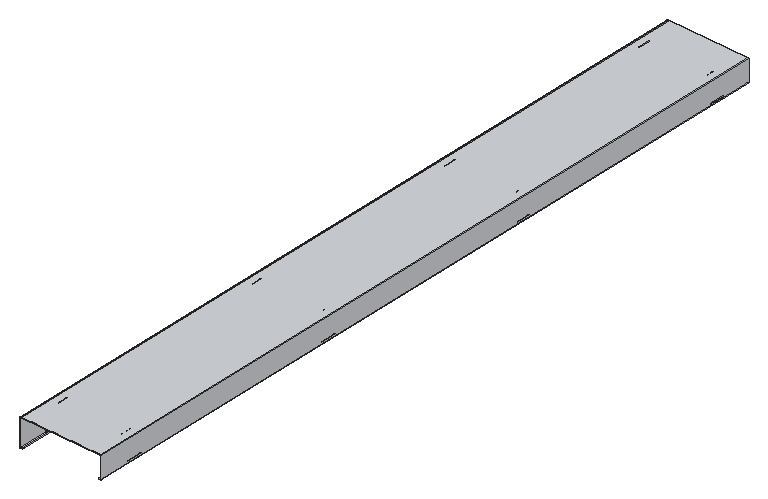
Revit family "AT200", category 一般モデル, Revit 2020
Family settings
  鉄筋をホスト可能 = いいえ
  丸型コネクタ寸法 = 直径を使用
  パーツ タイプ = 標準
  作業面ベース = いいえ
  常に垂直 = はい
  ロード時にボイドで切り取り = いいえ
  共有 = いいえ
  部屋計算ポイント = いいえ
Parameters
  笠木長さ [instance] = 2000 mm
  既定の高さ = 0 mm
  定尺笠木長さ = 4000 mm
  固定金具数 [instance] = 4
  判定 [instance] = if(笠木長さ > 4000 mm, 定尺笠木長さ, 笠木長さ)  # 2000 mm
Reference planes
  plane 1 "中心(正面/背面)": y = 0
  plane 2: z = 0
  plane 3 "中心(左/右)": x = 0
  plane 4: x = 100
  plane 5: x = -100
  plane 6: z = -43
  plane 7: y = -2000
  plane 8: y = -100
  plane 9: y = -1900
Forms (mm)
  Extrusion 1, solid
    sketch origin (-222.318, 0, -151.654) x (1, 0, 0) y (0, 0, 1)
      loop
        line (320.47, 163.794) -> (124.47, 178.642)
        arc (124.47, 178.642) -> (122.959, 178.115) -> (122.318, 176.648) r 2
        line (122.318, 176.648) -> (122.318, 109.154)
        arc (122.318, 109.154) -> (122.465, 108.8) -> (122.818, 108.654) r 0.5
        line (122.818, 108.654) -> (128.118, 108.654) -> (128.118, 110.954)
        arc (128.118, 110.954) -> (127.972, 111.307) -> (127.618, 111.454) r 0.5
        line (127.618, 111.454) -> (124.418, 111.454)
        arc (124.418, 111.454) -> (124.065, 111.6) -> (123.918, 111.954) r 0.5
        line (123.918, 111.954) -> (123.918, 175.123)
        arc (123.918, 175.123) -> (124.559, 176.59) -> (126.07, 177.117) r 2
        line (126.07, 177.117) -> (318.87, 162.511)
        arc (318.87, 162.511) -> (320.185, 161.877) -> (320.718, 160.517) r 2
        line (320.718, 160.517) -> (320.718, 111.954)
        arc (320.718, 111.954) -> (320.572, 111.6) -> (320.218, 111.454) r 0.5
        line (320.218, 111.454) -> (316.518, 111.454) -> (316.518, 109.154)
        arc (316.518, 109.154) -> (316.665, 108.8) -> (317.018, 108.654) r 0.5
        line (317.018, 108.654) -> (321.818, 108.654)
        arc (321.818, 108.654) -> (322.172, 108.8) -> (322.318, 109.154) r 0.5
        line (322.318, 109.154) -> (322.318, 161.8)
        arc (322.318, 161.8) -> (321.785, 163.159) -> (320.47, 163.794) r 2
    from 0 to 2000
  Extrusion 2, solid, not visible
    sketch origin (0, 0, 0) x (1, 0, 0) y (0, 0, 1)
      loop
        line (320.47, 163.794) -> (124.47, 178.642)
        arc (124.47, 178.642) -> (122.959, 178.115) -> (122.318, 176.648) r 2
        line (122.318, 176.648) -> (122.318, 109.154)
        arc (122.318, 109.154) -> (122.465, 108.8) -> (122.818, 108.654) r 0.5
        line (122.818, 108.654) -> (128.118, 108.654) -> (128.118, 110.954)
        arc (128.118, 110.954) -> (127.972, 111.307) -> (127.618, 111.454) r 0.5
        line (127.618, 111.454) -> (124.418, 111.454)
        arc (124.418, 111.454) -> (124.065, 111.6) -> (123.918, 111.954) r 0.5
        line (123.918, 111.954) -> (123.918, 175.123)
        arc (123.918, 175.123) -> (124.559, 176.59) -> (126.07, 177.117) r 2
        line (126.07, 177.117) -> (318.87, 162.511)
        arc (318.87, 162.511) -> (320.185, 161.877) -> (320.718, 160.517) r 2
        line (320.718, 160.517) -> (320.718, 111.954)
        arc (320.718, 111.954) -> (320.572, 111.6) -> (320.218, 111.454) r 0.5
        line (320.218, 111.454) -> (316.518, 111.454) -> (316.518, 109.154)
        arc (316.518, 109.154) -> (316.665, 108.8) -> (317.018, 108.654) r 0.5
        line (317.018, 108.654) -> (321.818, 108.654)
        arc (321.818, 108.654) -> (322.172, 108.8) -> (322.318, 109.154) r 0.5
        line (322.318, 109.154) -> (322.318, 161.8)
        arc (322.318, 161.8) -> (321.785, 163.159) -> (320.47, 163.794) r 2
    from 0 to 250
Dimensions and locks
  locked: plane 6 to plane 2 at 43
  locked: plane 5 to plane 3 "中心(左/右)" at 100
  plane 4 to plane 3 "中心(左/右)" = 100 mm
  plane 5 to plane 4 = 200 mm
  "笠木長さ": plane 7 to plane 1 "中心(正面/背面)"
  locked: plane 8 to plane 1 "中心(正面/背面)" at 100
  locked: plane 9 to plane 7 at 100
  locked: nested 1 to plane 8 at 25
  equal spacing: group 2, group 4, group 5, group 3  (x2)
  equal spacing: group 3, group 5, group 4, group 2
  locked: nested 2 to plane 9 at 25
  "判定": Extrusion 1 to plane 1 "中心(正面/背面)"
  aligned and locked: level to plane 2
  aligned and locked: plane 5 to Extrusion 1
  aligned and locked: Extrusion 1 to plane 6
  aligned and locked: Extrusion 1 to plane 7
Automatic sketch dimensions
  plane 5 to Extrusion 1 sketch curve = 0 mm
  Extrusion 1 sketch curve to plane 6 = 0 mm  (x2)
  plane 4 to Extrusion 1 sketch curve = 0 mm
  Extrusion 1 sketch curve to plane 5 = 0.5 mm
  Extrusion 1 sketch curve to plane 5 = 1.6 mm
  Extrusion 1 sketch curve to Extrusion 1 sketch curve = 0.4 mm  (x2)
  Extrusion 1 sketch curve to Extrusion 1 sketch curve = 0.5 mm  (x3)
  Extrusion 1 sketch curve to Extrusion 1 sketch curve = 0.151 mm  (x2)
  Extrusion 1 sketch curve to Extrusion 1 sketch curve = 2 mm
  Extrusion 1 sketch curve to Extrusion 1 sketch curve = 1.751 mm
  Extrusion 1 sketch curve to Extrusion 1 sketch curve = 3.2 mm
  plane 6 to Extrusion 1 sketch curve = 2.8 mm
  plane 4 to Extrusion 1 sketch curve = 5.8 mm
  plane 4 to Extrusion 1 sketch curve = 3.6 mm
  plane 4 to Extrusion 1 sketch curve = 2.1 mm
  Extrusion 1 sketch curve to Extrusion 1 sketch curve = 1.449 mm
  plane 4 to Extrusion 1 sketch curve = 1.849 mm
  plane 4 to Extrusion 1 sketch curve = 0.5 mm
  plane 6 to Extrusion 1 sketch curve = 2.3 mm
  level to Extrusion 1 sketch curve = 8.863 mm
  Extrusion 1 sketch curve to Extrusion 1 sketch curve = 1.283 mm
  level to Extrusion 1 sketch curve = 23.469 mm
  Extrusion 1 sketch curve to Extrusion 1 sketch curve = 1.525 mm
Nested families
  nested 1: "ATAF200" at (0, -75, 0), type "ATAF200"
  nested 2: "ATAF200" at (0, -1875, 0), type "ATAF200"
  nested 3: "ATAF200" at (0, -675, 0), type "ATAF200"
  nested 4: "ATAF200" at (0, -1275, 0), type "ATAF200"
Definition of nested family "ATAF200"
  Parameters
    Default Elevation = 0 mm
  Reference planes
    plane 1 "中心(正面/背面)": y = 0
    plane 2: z = 0
    plane 3 "中心(左/右)": x = 0
    plane 4: x = 98
    plane 5: x = -98
    plane 6: y = -25
    plane 7: y = -25
  Forms (mm)
    Extrusion 1, solid
      sketch origin (-222.718, 0, -151.614) x (1, 0, 0) y (0, 0, 1)
        loop
          line (295.268, 151.614) -> (295.268, 156.92)
          arc (295.268, 156.92) -> (296.271, 158.077) -> (297.76, 158.433) r 2.5
          line (297.76, 158.433) -> (307.173, 157.727)
          arc (307.173, 157.727) -> (309.51, 156.744) -> (310.786, 154.554) r 4
          line (310.786, 154.554) -> (318.968, 114.164) -> (318.968, 111.454) -> (320.218, 111.454)
          arc (320.218, 111.454) -> (320.572, 111.6) -> (320.718, 111.954) r 0.5
          line (320.718, 111.954) -> (320.718, 119.757) -> (312.968, 161.404) -> (291.463, 163.016) -> (290.968, 161.801) -> (290.968, 157.984)
          arc (290.968, 157.984) -> (290.36, 156.547) -> (288.905, 155.985) r 2
          line (288.905, 155.985) -> (272.314, 156.514) -> (255.672, 156.514) -> (232.249, 156.474) -> (230.022, 155.234) -> (222.318, 155.234) -> (214.537, 155.234) -> (212.238, 156.514) -> (184.167, 156.514) -> (172.312, 156.513) -> (160.756, 156.006)
          arc (160.756, 156.006) -> (159.286, 156.559) -> (158.668, 158.004) r 2
          line (158.668, 158.004) -> (158.663, 167.643) -> (157.668, 172.572) -> (133.665, 174.854) -> (123.918, 117.851) -> (123.918, 111.954)
          arc (123.918, 111.954) -> (124.065, 111.6) -> (124.418, 111.454) r 0.5
          line (124.418, 111.454) -> (125.489, 111.454) -> (135.85, 166.871)
          arc (135.85, 166.871) -> (137.375, 169.331) -> (140.16, 170.118) r 4
          line (140.16, 170.118) -> (152.305, 168.964)
          arc (152.305, 168.964) -> (153.918, 168.157) -> (154.568, 166.475) r 2.5
          line (154.568, 166.475) -> (154.568, 151.614) -> (295.268, 151.614)
      from 0 to 50
    Extrusion 2, solid, not visible
      sketch origin (-225.268, 0, -104.139) x (1, 0, 0) y (0, 0, 1)
        loop
          line (295.268, 151.614) -> (295.268, 156.92)
          arc (295.268, 156.92) -> (296.271, 158.077) -> (297.76, 158.433) r 2.5
          line (297.76, 158.433) -> (307.173, 157.727)
          arc (307.173, 157.727) -> (309.51, 156.744) -> (310.786, 154.554) r 4
          line (310.786, 154.554) -> (318.968, 114.164) -> (318.968, 111.454) -> (320.218, 111.454)
          arc (320.218, 111.454) -> (320.572, 111.6) -> (320.718, 111.954) r 0.5
          line (320.718, 111.954) -> (320.718, 119.757) -> (312.968, 161.404) -> (291.463, 163.016) -> (290.968, 161.801) -> (290.968, 157.984)
          arc (290.968, 157.984) -> (290.36, 156.547) -> (288.905, 155.985) r 2
          line (288.905, 155.985) -> (272.314, 156.514) -> (255.672, 156.514) -> (232.249, 156.474) -> (230.022, 155.234) -> (222.318, 155.234) -> (214.537, 155.234) -> (212.238, 156.514) -> (184.167, 156.514) -> (172.312, 156.513) -> (160.756, 156.006)
          arc (160.756, 156.006) -> (159.286, 156.559) -> (158.668, 158.004) r 2
          line (158.668, 158.004) -> (158.663, 167.643) -> (157.668, 172.572) -> (133.665, 174.854) -> (123.918, 117.851) -> (123.918, 111.954)
          arc (123.918, 111.954) -> (124.065, 111.6) -> (124.418, 111.454) r 0.5
          line (124.418, 111.454) -> (125.489, 111.454) -> (135.85, 166.871)
          arc (135.85, 166.871) -> (137.375, 169.331) -> (140.16, 170.118) r 4
          line (140.16, 170.118) -> (152.305, 168.964)
          arc (152.305, 168.964) -> (153.918, 168.157) -> (154.568, 166.475) r 2.5
          line (154.568, 166.475) -> (154.568, 151.614) -> (295.268, 151.614)
      from 0 to 50
  Dimensions and locks
    locked: Extrusion 1 to plane 6 at 25
    aligned and locked: level to plane 2
    aligned and locked: Extrusion 1 to plane 4
    aligned and locked: Extrusion 1 to level
